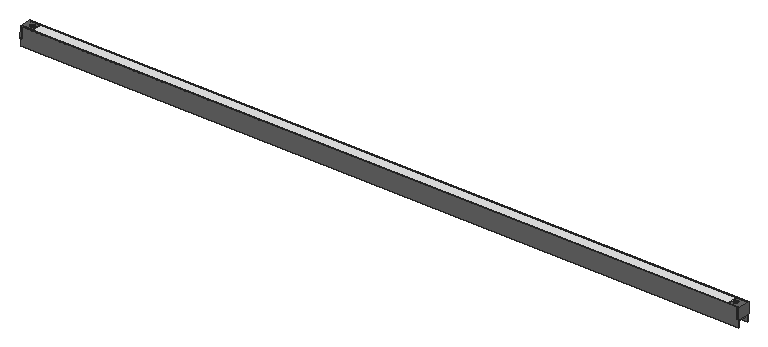
Revit family "ARKOSLIGHT_Line Micro 1000 24V", category Lighting Fixtures, host Face, Revit 2019
Family settings
  Host = Face
  Round Connector Dimension = Use Diameter
  Part Type = Normal
  Cut with Voids When Loaded = No
  Light Source = No
  Shared = No
  Room Calculation Point = No
Parameters (values of type "A3952000N - LINE MICRO 1000 24V 2700K N")
  URL = "https://www.arkoslight.com/en/product/line24v-es/line24v3-es/"
  Model = ARKOSLIGHT_Model  # "MINIMAL TRACK"
  Manufacturer = "ARKOSLIGHT"  # constant formula
  IES = IES : A3952000N - LINE MICRO 1000 24V 2700K N
  Description = "Not valid for Minimal Track 24V Trimless"
  ARKOSLIGHT_Wattage = 10.22 W
  ARKOSLIGHT_IP = "20"
  ARKOSLIGHT_Series = "LINE MICRO 1000 24V"  # constant formula
  ARKOSLIGHT_Dimming = "No Dim"
  ARKOSLIGHT_Model = "MINIMAL TRACK"  # constant formula
  ARKOSLIGHT_Reference = "A3952000N"
  ARKOSLIGHT_Luminous flux = 1430 lm
  ARKOSLIGHT_IES = "A395-20-00 N LINE MICRO 1000 24V 2700K.ies"
  ARKOSLIGHT_Color = "Matt black"
  ARKOSLIGHT_Fixture Type = "TRACKLIGHTS"  # constant formula
  ARKOSLIGHT_Efficiency = "52%"
  ARKOSLIGHT_CCT = 2700 K
  ARKOSLIGHT_CRI = "CRI>90"
  ARKOSLIGHT_Beam Angle = 113.00°
  ARKOSLIGHT_Body Color = ARKOSLIGHT_Matt black
  Default Elevation = 0 mm
  Apparent Load = ARKOSLIGHT_Apparent Load  # 9 VA
  ARKOSLIGHT_Apparent Load = 9 VA
Types (4, lengths in mm): name | IES | ARKOSLIGHT_Reference | ARKOSLIGHT_Luminous flux | ARKOSLIGHT_IES | ARKOSLIGHT_Color | ARKOSLIGHT_Efficiency | ARKOSLIGHT_CCT | ARKOSLIGHT_Body Color
  A3952000N - LINE MICRO 1000 24V 2700K N | IES : A3952000N - LINE MICRO 1000 24V 2700K N | "A3952000N" | 1430 lm | "A395-20-00 N LINE MICRO 1000 24V 2700K.ies" | "Matt black" | "52%" | 2700 K | ARKOSLIGHT_Matt black
  A3952001N - LINE MICRO 1000 24V 3000K N | IES : A3952001N - LINE MICRO 1000 24V 3000K N | "A3952001N" | 1500 lm | "A395-20-01 N LINE MICRO 1000 24V 3000K.ies" | "Matt black" | "52%" | 3000 K | ARKOSLIGHT_Matt black
  A3952000WT - LINE MICRO 1000 24V 2700K WT | IES : A3952000WT - LINE MICRO 1000 24V 2700K WT | "A3952000WT" | 1430 lm | "A395-20-00 WT LINE MICRO 1000 24V 2700K.ies" | "Textured white" | "70%" | 2700 K | ARKOSLIGHT_Textured white
  A3952001WT - LINE MICRO 1000 24V 3000K WT | IES : A3952001WT - LINE MICRO 1000 24V 3000K WT | "A3952001WT" | 1500 lm | "A395-20-01 WT LINE MICRO 1000 24V 3000K.ies" | "Textured white" | "70%" | 3000 K | ARKOSLIGHT_Textured white
Reference planes
  plane 1 "Center (Front/Back)": y = 0
  plane 2: z = 0
  plane 3 "Center (Left/Right)": x = 500
  plane 4: x = 1000
  plane 5: x = 0
  plane 6: y = 8.5
  plane 7: y = -8.5
  plane 8: z = 19
  plane 9: z = 7
  plane 10: z = -6
Forms (mm)
  Extrusion 1, solid, material "ARKOSLIGHT_Light"
    sketch origin (-299.031, 8.5, 1219.2) x (-1, 0, 0) y (0, 0, 1)
      loop
        line (-314.235, -1200.2) -> (-1283.826, -1200.2) -> (-1283.826, -1201.4) -> (-314.235, -1201.4) -> (-314.235, -1200.2)
    from -1 to -16
  Extrusion 2, solid, material "ARKOSLIGHT_Black"
    sketch origin (500, 0, 0) x (0, 1, 0) y (0, 0, 1)
      loop
        line (-5, 0) -> (5, 0) -> (5, 4) -> (7.5, 4) -> (7.5, 7) -> (-7.5, 7) -> (-7.5, 4) -> (-5, 4) -> (-5, 0)
    from 411.6 to 497.556
  Extrusion 3, solid, material "ARKOSLIGHT_Black"
    sketch origin (500, 0, 0) x (0, 1, 0) y (0, 0, 1)
      loop
        line (-5, 0) -> (5, 0) -> (5, 4) -> (7.5, 4) -> (7.5, 7) -> (-7.5, 7) -> (-7.5, 4) -> (-5, 4) -> (-5, 0)
    from -497 to -411.027
  Extrusion 4, solid, material "ARKOSLIGHT_Matt black" <- "ARKOSLIGHT_Body Color"
    sketch origin (-268.3, -8.5, 1219.2) x (-1, 0, 0) y (0, 0, 1)
      loop
        line (-270.621, -1200.2) -> (-1265.978, -1200.2) -> (-1265.978, -1215.2) -> (-1268.299, -1215.2) -> (-1268.299, -1225.2) -> (-268.299, -1225.2) -> (-268.299, -1215.2) -> (-270.621, -1215.2) -> (-270.621, -1200.2)
    from 0 to 1
  Extrusion 5, solid, material "ARKOSLIGHT_Matt black" <- "ARKOSLIGHT_Body Color"
    sketch origin (-299.031, 8.5, 1219.2) x (-1, 0, 0) y (0, 0, 1)
      loop
        line (-301.352, -1200.2) -> (-1296.709, -1200.2) -> (-1296.709, -1215.2) -> (-1299.031, -1215.2) -> (-1299.031, -1225.2) -> (-299.031, -1225.2) -> (-299.031, -1215.2) -> (-301.352, -1215.2) -> (-301.352, -1200.2)
    from 0 to -1
  Extrusion 6, solid, material "ARKOSLIGHT_Matt black" <- "ARKOSLIGHT_Body Color"
    sketch origin (1000, -221.408, 1212.668) x (0, -1, 0) y (0, 0, 1)
      loop
        line (-229.908, -1193.668) -> (-229.908, -1208.668) -> (-212.908, -1208.668) -> (-212.908, -1193.668) -> (-229.908, -1193.668)
    from 0 to 2.322
  Extrusion 7, solid, material "ARKOSLIGHT_Matt black" <- "ARKOSLIGHT_Body Color"
    sketch origin (-186.022, -4572, 19) x (-1, 0, 0) y (0, -1, 0)
      loop
        line (-1183.7, -4579.5) -> (-1170.817, -4579.5) -> (-1170.817, -4564.5) -> (-1183.7, -4564.5) -> (-1183.7, -4579.5)
      loop
        circle (-1176.057, -4572) r 2.5
    from 0 to -1.941
  Extrusion 8, solid, material "ARKOSLIGHT_Matt black" <- "ARKOSLIGHT_Body Color"
    sketch origin (-186.022, -4572, 19) x (-1, 0, 0) y (0, -1, 0)
      loop
        circle (-1176.057, -4572) r 2.5
    from 0 to -1.941
  Extrusion 9, solid, material "ARKOSLIGHT_Matt black" <- "ARKOSLIGHT_Body Color"
    sketch origin (0, -221.408, 1212.668) x (0, -1, 0) y (0, 0, -1)
      loop
        line (-229.908, 1193.668) -> (-212.908, 1193.668) -> (-212.908, 1208.668) -> (-229.908, 1208.668) -> (-229.908, 1193.668)
    from 0 to 2.322
  Extrusion 10, solid, material "ARKOSLIGHT_Matt black" <- "ARKOSLIGHT_Body Color"
    sketch origin (436.021, -4572, 19) x (1, 0, 0) y (0, 1, 0)
      loop
        line (-433.7, 4579.5) -> (-433.7, 4564.5) -> (-420.817, 4564.5) -> (-420.817, 4579.5) -> (-433.7, 4579.5)
      loop
        circle (-426.057, 4572) r 2.5
    from 0 to -1.941
  Extrusion 11, solid, material "ARKOSLIGHT_Matt black" <- "ARKOSLIGHT_Body Color"
    sketch origin (436.021, -4572, 19) x (1, 0, 0) y (0, 1, 0)
      loop
        circle (-426.057, 4572) r 2.5
    from 0 to -1.941
Cuts and joins
  joined: Extrusion 6, Extrusion 7
  joined: Extrusion 9, Extrusion 10
Dimensions and locks
  locked: plane 5 to plane 4 at 1000
  equal spacing: plane 6, plane 1 "Center (Front/Back)", plane 7
  locked: plane 6 to plane 7 at 17
  locked: plane 8 to plane 10 at 25
  equal spacing: plane 5, plane 3 "Center (Left/Right)", plane 4
  locked: plane 9 to plane 2 at 7
  Extrusion 1 sketch curve to plane 4 = 15.205 mm
  Extrusion 1 sketch curve to plane 5 = 15.205 mm
  locked: plane 8 to Extrusion 1 sketch curve at 1.2
  equal spacing: Extrusion 2 sketch curve, plane 1 "Center (Front/Back)", Extrusion 2 sketch curve  (x2)
  locked: Extrusion 2 sketch curve to Extrusion 2 sketch curve at 15
  locked: Extrusion 2 sketch curve to Extrusion 2 sketch curve at 10
  locked: plane 9 to Extrusion 2 sketch curve at 3
  Extrusion 3 sketch curve to Extrusion 3 sketch curve = 15 mm
  locked: Extrusion 3 sketch curve to Extrusion 3 sketch curve at 15
  Extrusion 3 sketch curve to Extrusion 3 sketch curve = 10 mm
  locked: Extrusion 3 sketch curve to Extrusion 3 sketch curve at 10
  locked: plane 2 to plane 10 at 6
  locked: plane 9 to Extrusion 6 sketch curve at 3
  aligned and locked: plane 2 to host face
  aligned and locked: level to host face
  aligned and locked: Extrusion 1 sketch curve to plane 8
  aligned and locked: plane 9 to Extrusion 2 sketch curve
  aligned and locked: plane 2 to Extrusion 2 sketch curve
  aligned and locked: Extrusion 2 sketch curve to Extrusion 2 sketch curve
  aligned and locked: Extrusion 3 sketch curve to Extrusion 3 sketch curve
  aligned and locked: Extrusion 4 sketch curve to plane 8
  aligned and locked: plane 5 to Extrusion 4 sketch curve
  aligned and locked: Extrusion 4 sketch curve to plane 10
  aligned and locked: plane 8 to Extrusion 6 sketch curve
  aligned and locked: plane 7 to Extrusion 6 sketch curve
  aligned and locked: plane 6 to Extrusion 6 sketch curve
  aligned and locked: Extrusion 5 sketch curve to plane 10
  aligned and locked: Extrusion 6 to Extrusion 7 sketch curve
  aligned and locked: Extrusion 5 to Extrusion 7 sketch curve
  aligned and locked: Extrusion 4 to Extrusion 7 sketch curve
  aligned and locked: Extrusion 7 sketch curve to Extrusion 1
  aligned and locked: plane 1 "Center (Front/Back)" to Extrusion 7 sketch curve
  aligned and locked: Extrusion 9 to Extrusion 10 sketch curve
  aligned and locked: plane 6 to Extrusion 9
  aligned and locked: Extrusion 9 to plane 7
  aligned and locked: Extrusion 10 to Extrusion 4
  aligned and locked: Extrusion 1 to Extrusion 10  (x2)
  aligned and locked: Extrusion 10 to Extrusion 1
  aligned and locked: Extrusion 2 to Extrusion 10
  aligned and locked: Extrusion 10 to Extrusion 2
  aligned and locked: Extrusion 9 to Extrusion 2
  aligned and locked: Extrusion 4 sketch curve to cut or joined group of Extrusion 9, Extrusion 10
  aligned and locked: Extrusion 4 sketch curve to cut or joined group of Extrusion 6, Extrusion 7
  aligned and locked: Extrusion 5 to Extrusion 2
  aligned and locked: Extrusion 3 to Extrusion 5
Automatic sketch dimensions
  host sketch curve to host sketch curve = 2438.4 mm  (x2)
  Extrusion 3 sketch curve to plane 9 = 0 mm
  Extrusion 3 sketch curve to level = 0 mm
  plane 7 to Extrusion 3 sketch curve = 1 mm
  plane 7 to Extrusion 3 sketch curve = 3.5 mm
  Extrusion 3 sketch curve to plane 9 = 3 mm
  plane 4 to Extrusion 4 sketch curve = 0 mm
  Extrusion 4 sketch curve to Extrusion 4 sketch curve = 2.322 mm  (x2)
  plane 4 to Extrusion 5 sketch curve = 0 mm
  Extrusion 5 sketch curve to plane 8 = 0 mm
  Extrusion 5 sketch curve to plane 5 = 0 mm
  Extrusion 5 sketch curve to Extrusion 5 sketch curve = 2.322 mm  (x2)
  Extrusion 5 sketch curve to plane 9 = 3 mm  (x2)
  Extrusion 7 sketch curve to Extrusion 7 sketch curve = 5.24 mm
  plane 1 "Center (Front/Back)" to Extrusion 8 sketch curve = 0 mm
  plane 4 to Extrusion 8 sketch curve = 9.965 mm
  Extrusion 9 sketch curve to plane 6 = 0 mm
  Extrusion 9 sketch curve to plane 7 = 0 mm
  Extrusion 9 sketch curve to plane 8 = 0 mm
  Extrusion 9 sketch curve to plane 9 = 3 mm
  plane 1 "Center (Front/Back)" to Extrusion 10 sketch curve = 0 mm
  plane 5 to Extrusion 10 sketch curve = 9.965 mm
  plane 7 to Extrusion 10 sketch curve = 1 mm
  Extrusion 10 sketch curve to Extrusion 10 sketch curve = 5.24 mm
  Extrusion 10 sketch curve to plane 6 = 1 mm
  plane 1 "Center (Front/Back)" to Extrusion 11 sketch curve = 0 mm
  plane 5 to Extrusion 11 sketch curve = 9.965 mm
  radius of Extrusion 7 sketch curve = 2.5 mm
  radius of Extrusion 8 sketch curve = 2.5 mm
  radius of Extrusion 10 sketch curve = 2.5 mm
  radius of Extrusion 11 sketch curve = 2.5 mm
Nested families
  nested 1: "IES" at (0, 0, 19), type <- "IES", type "A3952000N - LINE MICRO 1000 24V 2700K N"
Connectors
  electrical at (0, 0, 0), driven by "Apparent Load"
    settings: on host face, index 1, voltage 230 V, apparent load 0 VA, apparent load phase1 9 VA, apparent load phase2 0 VA, apparent load phase3 0 VA, power factor 1, load classification "Lighting", number of poles 1, system type 31, power factor state 1, is connector primary yes, connector utility no, sub classification motor no, connector description ""
Definition of nested family "IES"
  Parameters (values of type "A3952001N - LINE MICRO 1000 24V 3000K N")
    Wattage = 10 W
    built-in parameter 1150110 = 1 (stored number, unit not read)
    URL = "https://www.arkoslight.com/en/product/line24v-es/line24v3-es/"
    built-in parameter 1114217 = 1 (stored number, unit not read)
    built-in parameter 1150109 = 1 (stored number, unit not read)
    built-in parameter 1150134 = 3
    built-in parameter 1150113 = 1 (stored number, unit not read)
    Model = ARKOSLIGHT_Model  # "MINIMAL TRACK"
    Manufacturer = "ARKOSLIGHT"  # constant formula
    built-in parameter 1150105 = 472.82 (stored number, unit not read)
    Lumens = 1485.42 lm
    built-in parameter 1150115 = 1 (stored number, unit not read)
    Light Source Symbol Size = 50 mm  # constant formula
    built-in parameter 1150137 = (empty or 0)
    built-in parameter 1150139 = (empty or 0)
    built-in parameter 1150112 = 1 (stored number, unit not read)
    built-in parameter 1150114 = 1 (stored number, unit not read)
    built-in parameter 1150132 = (empty or 0)
    built-in parameter 1150102 = (empty or 0)
    built-in parameter 1150107 = 3000 (stored number, unit not read)
    built-in parameter 1150138 = (empty or 0)
    built-in parameter 1150106 = 4.7282 (stored number, unit not read)
    Emit from Rectangle Width = 17 mm  # constant formula
    Emit from Rectangle Length = 1000 mm  # constant formula
    Emit Shape Visible in Rendering = no
    built-in parameter 1150104 = 13.8 (stored number, unit not read)
    Dimming Lamp Color Temperature Shift = (empty or 0)
    Color Filter = 16777215
    built-in parameter 1114218 = 1 (stored number, unit not read)
    built-in parameter 1150133 = 10 (stored number, unit not read)
    ARKOSLIGHT_Wattage = 10 W
    ARKOSLIGHT_IP = "20"
    ARKOSLIGHT_Series = "LINE MICRO 1000 24V"  # constant formula
    ARKOSLIGHT_Dimming = "No Dim"
    ARKOSLIGHT_Model = "MINIMAL TRACK"  # constant formula
    ARKOSLIGHT_Reference = "A3952001N"
    ARKOSLIGHT_Luminous flux = 1500 lm
    ARKOSLIGHT_IES = "A395-20-01 LINE MICRO 1000 24V 3000K.ies"
    ARKOSLIGHT_Fixture Type = "TRACKLIGHTS"  # constant formula
    ARKOSLIGHT_Efficiency = "52%"
    ARKOSLIGHT_CCT = 3000 K
    ARKOSLIGHT_CRI = "CRI>90"
    ARKOSLIGHT_Beam Angle = 113.00°
    Default Elevation = 0 mm
    Apparent Load = ARKOSLIGHT_Apparent Load  # 9 VA
    ARKOSLIGHT_Apparent Load = 9 VA
  Types (2, lengths in mm): name | built-in parameter 1150107 | ARKOSLIGHT_Reference | ARKOSLIGHT_Luminous flux | ARKOSLIGHT_IES | ARKOSLIGHT_CCT
    A3952000N - LINE MICRO 1000 24V 2700K N | 2700 (stored number, unit not read) | "A3952000N" | 1430 lm | "A395-20-00 LINE MICRO 1000 24V 2700K.ies" | 2700 K
    A3952001N - LINE MICRO 1000 24V 3000K N | 3000 (stored number, unit not read) | "A3952001N" | 1500 lm | "A395-20-01 LINE MICRO 1000 24V 3000K.ies" | 3000 K
  Reference planes
    plane 1 "Center (Front/Back)": y = 0
    plane 2: z = 0
    plane 3 "Center (Left/Right)": x = 500
    plane 4: x = 1000
    plane 5: x = 0
    plane 6: y = 8.5
    plane 7: y = -8.5
  Forms (mm)
    Extrusion 1, solid
      sketch origin (0, 0, 0) x (1, 0, 0) y (0, 1, 0)
        loop
          line (-1219.2, 1219.2) -> (-1219.2, -1219.2) -> (1219.2, -1219.2) -> (1219.2, 1219.2) -> (-1219.2, 1219.2)
      from 0 to -304.8
  Dimensions and locks
    locked: plane 5 to plane 4 at 1000
    equal spacing: plane 6, plane 1 "Center (Front/Back)", plane 7
    locked: plane 6 to plane 7 at 17
    equal spacing: plane 5, plane 3 "Center (Left/Right)", plane 4
    aligned and locked: plane 2 to Extrusion 1
    aligned and locked: level to Extrusion 1
  Automatic sketch dimensions
    Extrusion 1 sketch curve to Extrusion 1 sketch curve = 2438.4 mm  (x2)
